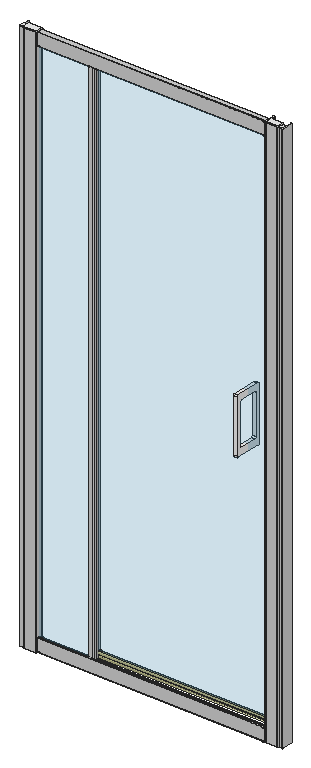
Revit family "TED", category Plumbing Fixtures, Revit 2015
Parameters (values of type "900")
  Seal = Seal
  Profile = Profile
  Glass = Glass
  C = 653 mm
  B = 247 mm
  Aluminum = Aluminum
  A = B + C  # 900 mm
  URL = "http://www.sanswiss.com/"
  Type Comments = "TOP LINE"
  Model = "TED"
  Manufacturer = "SanSwiss"
Reference planes
  plane 1 "Center (Front/Back)": y = 0
  plane 2: z = 0
  plane 3 "Center (Left/Right)": x = 0
  plane 4 "top": z = 1900
  plane 5: x = 900
  plane 6: x = 247
  plane 7: x = 841.506
Forms (mm)
  Sweep 1, solid, material "Profile" <- "Profile"
    path origin (58.5, 1.6, 43.1) x (0, 0, 1) y (-1, 0, 0)
      loop
        line (-41.6, -782.979) -> (-41.6, 0)
    profile origin (449.99, 1.6, 1.5) x (0, 0, -1) y (0, -1, 0)
      loop
        arc (-41.546, 0) -> (-42.566, -0.422) -> (-42.988, -1.442) r 1.442
        line (-42.988, -1.442) -> (-42.988, -3.674)
        arc (-42.988, -3.674) -> (-42.238, -4.424) -> (-41.488, -3.674) r 0.75
        line (-41.488, -3.674) -> (-41.488, -2.079)
        arc (-41.488, -2.079) -> (-41.318, -1.67) -> (-40.909, -1.5) r 0.579
        line (-40.909, -1.5) -> (-38.5, -1.5) -> (-38.5, -17.515)
        arc (-38.5, -17.515) -> (-38.065, -18.565) -> (-37.015, -19) r 1.485
        line (-37.015, -19) -> (-34.608, -19)
        arc (-34.608, -19) -> (-33.708, -18.1) -> (-34.608, -17.2) r 0.9
        line (-34.608, -17.2) -> (-37, -17.2) -> (-37, -13.7) -> (-17.607, -13.7)
        arc (-17.607, -13.7) -> (-16.895, -13.995) -> (-16.6, -14.707) r 1.007
        line (-16.6, -14.707) -> (-16.6, -17.484)
        arc (-16.6, -17.484) -> (-16.156, -18.556) -> (-15.084, -19) r 1.516
        line (-15.084, -19) -> (-0.122, -19)
        arc (-0.122, -19) -> (1.025, -18.525) -> (1.5, -17.378) r 1.622
        line (1.5, -17.378) -> (1.5, -1.453)
        arc (1.5, -1.453) -> (1.075, -0.425) -> (0.047, 0) r 1.453
        line (0.047, 0) -> (-41.546, 0)
  Sweep 2, solid, material "Seal" <- "Seal"
    path origin (841, 36.298, 50.487) x (0, 0.116427, -0.993199) y (-1, 0, 0)
      loop
        line (14.96, 592.021) -> (14.96, 0.021)
    profile origin (544.979, 38.039, 35.628) x (0, 0.116427, -0.993199) y (0, 0.993199, 0.116427)
      loop
        line (-26.238, -9.139) -> (-16.157, -11.184)
        arc (-16.157, -11.184) -> (-14.351, -10.793) -> (-13.416, -9.198) r 2.3
        line (-13.416, -9.198) -> (-13.218, -7.509) -> (-1.518, -8.881)
        arc (-1.518, -8.881) -> (-1.074, -8.53) -> (-1.425, -8.086) r 0.4
        line (-1.425, -8.086) -> (-13.124, -6.715) -> (-12.927, -5.026)
        arc (-12.927, -5.026) -> (-13.706, -3.146) -> (-15.586, -2.367) r 2.66
        line (-15.586, -2.367) -> (-15.586, -0.8) -> (-0.023, -0.8)
        arc (-0.023, -0.8) -> (0.377, -0.4) -> (-0.023, 0) r 0.4
        line (-0.023, 0) -> (-14.673, 0)
        arc (-14.673, 0) -> (-15.165, 0.259) -> (-15.231, 0.812) r 0.597
        line (-15.231, 0.812) -> (-14.513, 2.68)
        arc (-14.513, 2.68) -> (-14.887, 3.52) -> (-15.727, 3.146) r 0.65
        line (-15.727, 3.146) -> (-17.62, -1.784)
        arc (-17.62, -1.784) -> (-17.955, -2.203) -> (-18.472, -2.349) r 0.881
        line (-18.472, -2.349) -> (-25.329, -2.121)
        arc (-25.329, -2.121) -> (-26.001, -2.749) -> (-25.373, -3.42) r 0.65
        line (-25.373, -3.42) -> (-15.092, -3.762)
        arc (-15.092, -3.762) -> (-14.424, -4.082) -> (-14.208, -4.79) r 0.921
        line (-14.208, -4.79) -> (-14.709, -9.069)
        arc (-14.709, -9.069) -> (-15.107, -9.748) -> (-15.876, -9.915) r 0.979
        line (-15.876, -9.915) -> (-25.98, -7.865)
        arc (-25.98, -7.865) -> (-26.746, -8.373) -> (-26.238, -9.139) r 0.65
  Sweep 3, solid, material "Profile" <- "Profile"
    path origin (18.21, 2.2, -1) x (1, 0, 0) y (0, 0, 1)
      loop
        line (-16.7, 1) -> (-16.7, 1901.5)
    profile origin (1.51, 2.2, 950.25) x (-1, 0, 0) y (0, -1, 0)
      loop
        line (0, -20.045) -> (0, -37.344)
        arc (0, -37.344) -> (0.439, -38.404) -> (1.5, -38.844) r 1.5
        line (1.5, -38.844) -> (1.5, -2.56)
        arc (1.5, -2.56) -> (1.073, -1.527) -> (0.04, -1.1) r 1.46
        line (0.04, -1.1) -> (-34.989, -1.1)
        arc (-34.989, -1.1) -> (-36.05, -1.539) -> (-36.489, -2.6) r 1.5
        line (-36.489, -2.6) -> (-36.489, -17.6)
        arc (-36.489, -17.6) -> (-36.05, -18.661) -> (-34.989, -19.1) r 1.5
        line (-34.989, -19.1) -> (-0.945, -19.1)
        arc (-0.945, -19.1) -> (-0.277, -19.377) -> (0, -20.045) r 0.945
  Sweep 4, solid, material "Profile" <- "Profile"
    path origin (21.25, 0, -2.5) x (1, 0, 0) y (0, 0, 1)
      loop
        line (-18.2, 1905) -> (-18.2, 2.5)
    profile origin (3.05, 0, 951.25) x (0, -1, 0) y (1, 0, 0)
      loop
        line (-21.3, 11.45) -> (-21.3, 12.95) -> (-23.1, 12.95) -> (-23.1, 19.75) -> (-21.5, 19.75) -> (-21.5, 21.25) -> (-23.1, 21.25) -> (-23.1, 53.95) -> (-19.816, 53.95)
        arc (-19.816, 53.95) -> (-19.38, 53.77) -> (-19.2, 53.334) r 0.616
        line (-19.2, 53.334) -> (-19.2, 51.95) -> (-17.7, 51.95) -> (-17.7, 53.346)
        arc (-17.7, 53.346) -> (-17.523, 53.773) -> (-17.096, 53.95) r 0.604
        line (-17.096, 53.95) -> (-2.176, 53.95)
        arc (-2.176, 53.95) -> (-1.698, 53.752) -> (-1.5, 53.274) r 0.676
        line (-1.5, 53.274) -> (-1.5, 21.25) -> (-3.1, 21.25) -> (-3.1, 19.75) -> (-1.5, 19.75) -> (-1.5, 12.95) -> (-3.3, 12.95) -> (-3.3, 11.45) -> (-1.5, 11.45)
        arc (-1.5, 11.45) -> (-0.439, 11.889) -> (0, 12.95) r 1.5
        line (0, 12.95) -> (0, 54.464)
        arc (0, 54.464) -> (-0.289, 55.161) -> (-0.986, 55.45) r 0.986
        line (-0.986, 55.45) -> (-23.6, 55.45)
        arc (-23.6, 55.45) -> (-24.307, 55.157) -> (-24.6, 54.45) r 1
        line (-24.6, 54.45) -> (-24.6, 51.95) -> (-24.6, 12.95)
        arc (-24.6, 12.95) -> (-24.161, 11.889) -> (-23.1, 11.45) r 1.5
        line (-23.1, 11.45) -> (-21.3, 11.45)
  Extrusion 5, solid, material "Aluminum" <- "Aluminum"
    sketch origin (918.4, 0, 2.5) x (-1, 0, 0) y (0, -1, 0)
      loop
        arc (860.857, 0) -> (860.18, -0.28) -> (859.9, -0.957) r 0.957
        line (859.9, -0.957) -> (859.9, -23.865)
        arc (859.9, -23.865) -> (860.115, -24.385) -> (860.635, -24.6) r 0.735
        line (860.635, -24.6) -> (902.4, -24.6)
        arc (902.4, -24.6) -> (903.461, -24.161) -> (903.9, -23.1) r 1.5
        line (903.9, -23.1) -> (903.9, -1.5)
        arc (903.9, -1.5) -> (903.461, -0.439) -> (902.4, 0) r 1.5
        line (902.4, 0) -> (860.857, 0)
    from 1900 to 1902.5
  Revolve 6, solid, material "Aluminum" <- "Aluminum"
    sketch origin (413.994, 0.111, 1798.067) x (-1, 0, 0) y (0, -1, 0)
      loop
        line (412.483, -31.318) -> (407.014, -31.318)
        arc (407.014, -31.318) -> (407.137, -34.222) -> (407.449, -37.112) r 44.956
        arc (407.449, -37.112) -> (407.789, -37.74) -> (408.458, -37.99) r 1.019
        line (408.458, -37.99) -> (412.483, -37.99) -> (412.483, -31.318)
      axis (412.483, -31.318) -> (407.014, -31.318)
    angle from 0 to 360
  Revolve 7, solid, material "Aluminum" <- "Aluminum"
    sketch origin (413.994, 0.111, 949.131) x (-1, 0, 0) y (0, -1, 0)
      loop
        line (412.483, -31.318) -> (407.014, -31.318)
        arc (407.014, -31.318) -> (407.137, -34.222) -> (407.449, -37.112) r 44.956
        arc (407.449, -37.112) -> (407.789, -37.74) -> (408.458, -37.99) r 1.019
        line (408.458, -37.99) -> (412.483, -37.99) -> (412.483, -31.318)
      axis (412.483, -31.318) -> (407.014, -31.318)
    angle from 0 to 360
  Revolve 8, solid, material "Aluminum" <- "Aluminum"
    sketch origin (413.994, 0.111, 100.467) x (-1, 0, 0) y (0, -1, 0)
      loop
        line (412.483, -31.318) -> (407.014, -31.318)
        arc (407.014, -31.318) -> (407.137, -34.222) -> (407.449, -37.112) r 44.956
        arc (407.449, -37.112) -> (407.789, -37.74) -> (408.458, -37.99) r 1.019
        line (408.458, -37.99) -> (412.483, -37.99) -> (412.483, -31.318)
      axis (412.483, -31.318) -> (407.014, -31.318)
    angle from 0 to 360
  Sweep 9, solid, material "Profile" <- "Profile"
    path origin (230.5, 34.8, 1855.47) x (0, 0, -1) y (-1, 0, 0)
      loop
        line (1816, -4.679) -> (-2.23, -4.679)
    profile origin (235.179, 34.8, 948.585) x (1, 0, 0) y (0, 1, 0)
      loop
        arc (-4.664, 0) -> (-6.104, -0.596) -> (-6.7, -2.036) r 2.036
        line (-6.7, -2.036) -> (-6.7, -6.138)
        arc (-6.7, -6.138) -> (-6.155, -7.455) -> (-4.838, -8) r 1.862
        line (-4.838, -8) -> (-3.2, -8) -> (-3.2, -15.867)
        arc (-3.2, -15.867) -> (-2.2, -16.867) -> (-1.2, -15.867) r 1
        line (-1.2, -15.867) -> (-1.2, -8) -> (0.457, -8)
        arc (0.457, -8) -> (2.528, -10.67) -> (5.875, -11.128) r 4.469
        arc (5.875, -11.128) -> (11.326, -13.569) -> (13.941, -8.2) r 4.293
        line (13.941, -8.2) -> (13.941, 0) -> (-4.664, 0)
  Sweep 10, solid, material "Profile" <- "Profile"
    path origin (236.716, 6.8, 43.506) x (1, 0, 0) y (0, 0, 1)
      loop
        line (-0.521, 1817) -> (-0.521, 0)
    profile origin (236.195, 6.8, 952.006) x (0, -1, 0) y (1, 0, 0)
      loop
        line (3.4, 0) -> (3.4, 14.6) -> (0, 18) -> (-9.997, 18)
        arc (-9.997, 18) -> (-10.706, 17.706) -> (-11, 16.997) r 1.003
        line (-11, 16.997) -> (-11, 12.5) -> (-15.35, 12.5)
        arc (-15.35, 12.5) -> (-17, 10.85) -> (-15.35, 9.2) r 1.65
        line (-15.35, 9.2) -> (-11, 9.2) -> (-11, 0.683)
        arc (-11, 0.683) -> (-10.8, 0.2) -> (-10.317, 0) r 0.683
        line (-10.317, 0) -> (3.4, 0)
  Extrusion 11, solid, material "Glass" <- "Glass"
    sketch origin (0, 0, 0) x (1, 0, 0) y (0, 1, 0)
      loop
        line (58.5, 15.3) -> (58.5, 9.3) -> (236.195, 9.3) -> (236.195, 15.3) -> (58.5, 15.3)
    from 38.5 to 1859.5
  Extrusion 12, solid, material "Glass" <- "Glass"
    sketch origin (0, 0, 0) x (1, 0, 0) y (0, 1, 0)
      loop
        line (248.979, 32.741) -> (248.979, 26.741) -> (834.506, 26.741) -> (834.506, 32.741) -> (248.979, 32.741)
    from 47.882 to 1849.182
  Sweep 13, solid, material "Profile" <- "Profile"
    path origin (878.998, 0, -2.5) x (-1, 0, 0) y (0, 0, -1)
      loop
        line (-17.952, -1905) -> (-17.952, -2.5)
    profile origin (896.95, 0, 951.25) x (0, -1, 0) y (1, 0, 0)
      loop
        line (-21.3, -11.46) -> (-23.1, -11.46)
        arc (-23.1, -11.46) -> (-24.161, -11.9) -> (-24.6, -12.96) r 1.5
        line (-24.6, -12.96) -> (-24.6, -47.973)
        arc (-24.6, -47.973) -> (-25.182, -49.378) -> (-26.588, -49.96) r 1.988
        line (-26.588, -49.96) -> (-33.967, -49.96)
        arc (-33.967, -49.96) -> (-34.98, -50.38) -> (-35.4, -51.393) r 1.433
        line (-35.4, -51.393) -> (-35.4, -53.271)
        arc (-35.4, -53.271) -> (-34.759, -54.819) -> (-33.21, -55.46) r 2.19
        line (-33.21, -55.46) -> (-0.986, -55.46)
        arc (-0.986, -55.46) -> (-0.289, -55.172) -> (0, -54.474) r 0.986
        line (0, -54.474) -> (0, -12.96)
        arc (0, -12.96) -> (-0.439, -11.9) -> (-1.5, -11.46) r 1.5
        line (-1.5, -11.46) -> (-3.3, -11.46) -> (-3.3, -12.96) -> (-1.5, -12.96) -> (-1.5, -19.76) -> (-3.1, -19.76) -> (-3.1, -21.26) -> (-1.5, -21.26) -> (-1.5, -53.284)
        arc (-1.5, -53.284) -> (-1.698, -53.762) -> (-2.176, -53.96) r 0.676
        line (-2.176, -53.96) -> (-17.096, -53.96)
        arc (-17.096, -53.96) -> (-17.523, -53.783) -> (-17.7, -53.356) r 0.604
        line (-17.7, -53.356) -> (-17.7, -51.96) -> (-19.2, -51.96) -> (-19.2, -53.345)
        arc (-19.2, -53.345) -> (-19.38, -53.78) -> (-19.816, -53.96) r 0.616
        line (-19.816, -53.96) -> (-23.1, -53.96) -> (-23.1, -21.26) -> (-21.5, -21.26) -> (-21.5, -19.76) -> (-23.1, -19.76) -> (-23.1, -12.96) -> (-21.3, -12.96) -> (-21.3, -11.46)
  Extrusion 14, solid, material "Aluminum" <- "Aluminum"
    sketch origin (-18.152, 0, 2.5) x (1, 0, 0) y (0, 1, 0)
      loop
        line (860.616, 0) -> (902.142, 0)
        arc (902.142, 0) -> (903.202, 0.439) -> (903.642, 1.5) r 1.5
        line (903.642, 1.5) -> (903.642, 3.3) -> (903.642, 23.1)
        arc (903.642, 23.1) -> (903.202, 24.161) -> (902.142, 24.6) r 1.5
        line (902.142, 24.6) -> (867.31, 24.6)
        arc (867.31, 24.6) -> (865.777, 25.235) -> (865.142, 26.768) r 2.168
        line (865.142, 26.768) -> (865.142, 33.907)
        arc (865.142, 33.907) -> (864.696, 34.984) -> (863.619, 35.43) r 1.523
        line (863.619, 35.43) -> (861.796, 35.43)
        arc (861.796, 35.43) -> (860.285, 34.804) -> (859.659, 33.293) r 2.137
        line (859.659, 33.293) -> (859.659, 0.957)
        arc (859.659, 0.957) -> (859.939, 0.28) -> (860.616, 0) r 0.957
    from 1900 to 1902.5
  Revolve 15, solid, material "Aluminum" <- "Aluminum"
    sketch origin (486.254, 0.111, 1798.067) x (1, 0, 0) y (0, 1, 0)
      loop
        line (412.246, 31.318) -> (412.246, 37.99) -> (408.21, 37.99)
        arc (408.21, 37.99) -> (407.542, 37.74) -> (407.201, 37.112) r 1.019
        arc (407.201, 37.112) -> (406.89, 34.222) -> (406.766, 31.318) r 44.956
        line (406.766, 31.318) -> (412.246, 31.318)
      axis (412.246, 31.318) -> (406.766, 31.318)
    angle from 0 to 360
  Revolve 16, solid, material "Aluminum" <- "Aluminum"
    sketch origin (486.254, 0.111, 949.131) x (1, 0, 0) y (0, 1, 0)
      loop
        line (412.246, 31.318) -> (412.246, 37.99) -> (408.21, 37.99)
        arc (408.21, 37.99) -> (407.542, 37.74) -> (407.201, 37.112) r 1.019
        arc (407.201, 37.112) -> (406.89, 34.222) -> (406.766, 31.318) r 44.956
        line (406.766, 31.318) -> (412.246, 31.318)
      axis (412.246, 31.318) -> (406.766, 31.318)
    angle from 0 to 360
  Revolve 17, solid, material "Aluminum" <- "Aluminum"
    sketch origin (486.254, 0.111, 100.467) x (1, 0, 0) y (0, 1, 0)
      loop
        line (412.246, 31.318) -> (412.246, 37.99) -> (408.21, 37.99)
        arc (408.21, 37.99) -> (407.542, 37.74) -> (407.201, 37.112) r 1.019
        arc (407.201, 37.112) -> (406.89, 34.222) -> (406.766, 31.318) r 44.956
        line (406.766, 31.318) -> (412.246, 31.318)
      axis (412.246, 31.318) -> (406.766, 31.318)
    angle from 0 to 360
  Sweep 18, solid, material "Profile" <- "Profile"
    path origin (58.5, 3.4, 1859.4) x (0, 0, -1) y (1, 0, 0)
      loop
        line (-41.6, 782.979) -> (-41.6, 0)
    profile origin (449.99, 3.4, 1901) x (0, 0, -1) y (0, -1, 0)
      loop
        line (41.546, 0) -> (-0.047, 0)
        arc (-0.047, 0) -> (-1.075, -0.425) -> (-1.5, -1.453) r 1.453
        line (-1.5, -1.453) -> (-1.5, -17.378)
        arc (-1.5, -17.378) -> (-1.025, -18.525) -> (0.122, -19) r 1.622
        line (0.122, -19) -> (15.084, -19)
        arc (15.084, -19) -> (16.156, -18.556) -> (16.6, -17.484) r 1.516
        line (16.6, -17.484) -> (16.6, -14.707)
        arc (16.6, -14.707) -> (16.895, -13.995) -> (17.607, -13.7) r 1.007
        line (17.607, -13.7) -> (37, -13.7) -> (37, -17.2) -> (34.608, -17.2)
        arc (34.608, -17.2) -> (33.708, -18.1) -> (34.608, -19) r 0.9
        line (34.608, -19) -> (37.015, -19)
        arc (37.015, -19) -> (38.065, -18.565) -> (38.5, -17.515) r 1.485
        line (38.5, -17.515) -> (38.5, -1.5) -> (40.909, -1.5)
        arc (40.909, -1.5) -> (41.318, -1.67) -> (41.488, -2.079) r 0.579
        line (41.488, -2.079) -> (41.488, -3.674)
        arc (41.488, -3.674) -> (42.238, -4.424) -> (42.988, -3.674) r 0.75
        line (42.988, -3.674) -> (42.988, -1.442)
        arc (42.988, -1.442) -> (42.566, -0.422) -> (41.546, 0) r 1.442
  Extrusion 19, void
    sketch origin (824.262, 22.138, 1856.553) x (1, 0, 0) y (0, 0, -1)
      loop
        line (14.249, -21.66) -> (14.249, -1.79) -> (-2.751, -1.79) -> (-2.751, -21.66) -> (14.249, -21.66)
    from -5.038 to 18.905
  Sweep 20, solid, material "Seal" <- "Seal"
    path origin (824.262, 22.138, 1856.553) x (1, 0, 0) y (0, 0, -1)
      loop
        line (10.245, 7.371) -> (10.245, 1795.106)
    profile origin (834.506, 22.138, 955.314) x (0, 1, 0) y (-1, 0, 0)
      loop
        line (4.296, -7) -> (10.908, -7)
        spline (10.908, -7) -> (11.801, -6.821) -> (12.548, -6.566) -> (13.149, -6.233) -> (13.602, -5.824) -> (13.909, -5.338) -> (14.07, -4.774) -> (14.084, -4.134) -> (13.951, -3.417) -> (13.672, -2.623) -> (13.246, -1.752) -> (12.673, -0.803) -> (11.954, 0.222)
        arc (11.954, 0.222) -> (12.096, 0.759) -> (12.091, 1.316) r 2.083
        line (12.091, 1.316) -> (11.351, 6.418)
        arc (11.351, 6.418) -> (10.671, 6.926) -> (10.164, 6.246) r 0.6
        line (10.164, 6.246) -> (10.872, 1.357)
        arc (10.872, 1.357) -> (10.595, 0.41) -> (9.697, 0) r 1.187
        line (9.697, 0) -> (5.51, 0)
        arc (5.51, 0) -> (4.625, 0.404) -> (4.352, 1.338) r 1.17
        line (4.352, 1.338) -> (5.061, 6.229)
        arc (5.061, 6.229) -> (4.553, 6.909) -> (3.873, 6.401) r 0.6
        line (3.873, 6.401) -> (3.136, 1.316)
        arc (3.136, 1.316) -> (3.125, 0.761) -> (3.249, 0.221) r 2.251
        spline (3.249, 0.221) -> (2.505, -0.737) -> (1.912, -1.63) -> (1.471, -2.459) -> (1.18, -3.223) -> (1.041, -3.921) -> (1.052, -4.556) -> (1.215, -5.125) -> (1.529, -5.629) -> (1.994, -6.069) -> (2.61, -6.444) -> (3.377, -6.755) -> (4.296, -7)
  Extrusion 21, solid, material "Aluminum" <- "Aluminum"
    sketch origin (0, 0, 2.5) x (1, 0, 0) y (0, 1, 0)
      loop
        line (37.999, 4.8) -> (37.999, 19.8)
        arc (37.999, 19.8) -> (37.56, 20.861) -> (36.499, 21.3) r 1.5
        line (36.499, 21.3) -> (1.5, 21.3)
        arc (1.5, 21.3) -> (0.439, 20.861) -> (0, 19.8) r 1.5
        line (0, 19.8) -> (0, 4.8)
        arc (0, 4.8) -> (0.439, 3.739) -> (1.5, 3.3) r 1.5
        line (1.5, 3.3) -> (36.499, 3.3)
        arc (36.499, 3.3) -> (37.56, 3.739) -> (37.999, 4.8) r 1.5
    from 1898 to 1899
  Sweep 22, solid, material "Profile" <- "Profile"
    path origin (881.769, 2.2, -1) x (-1, 0, 0) y (0, 0, -1)
      loop
        line (-16.7, -1) -> (-16.7, -1901.5)
    profile origin (898.469, 2.2, 950.25) x (-1, 0, 0) y (0, -1, 0)
      loop
        arc (0, -20.045) -> (0.277, -19.377) -> (0.945, -19.1) r 0.945
        line (0.945, -19.1) -> (34.989, -19.1)
        arc (34.989, -19.1) -> (36.05, -18.661) -> (36.489, -17.6) r 1.5
        line (36.489, -17.6) -> (36.489, -2.6)
        arc (36.489, -2.6) -> (36.05, -1.539) -> (34.989, -1.1) r 1.5
        line (34.989, -1.1) -> (-0.04, -1.1)
        arc (-0.04, -1.1) -> (-1.073, -1.527) -> (-1.5, -2.56) r 1.46
        line (-1.5, -2.56) -> (-1.5, -38.844)
        arc (-1.5, -38.844) -> (-0.439, -38.404) -> (0, -37.344) r 1.5
        line (0, -37.344) -> (0, -20.045)
  Extrusion 23, solid, material "Aluminum" <- "Aluminum"
    sketch origin (899.979, 0, 2.5) x (-1, 0, 0) y (0, -1, 0)
      loop
        arc (37.999, -4.8) -> (37.56, -3.739) -> (36.499, -3.3) r 1.5
        line (36.499, -3.3) -> (1.5, -3.3)
        arc (1.5, -3.3) -> (0.439, -3.739) -> (0, -4.8) r 1.5
        line (0, -4.8) -> (0, -19.8)
        arc (0, -19.8) -> (0.439, -20.861) -> (1.5, -21.3) r 1.5
        line (1.5, -21.3) -> (36.499, -21.3)
        arc (36.499, -21.3) -> (37.56, -20.861) -> (37.999, -19.8) r 1.5
        line (37.999, -19.8) -> (37.999, -4.8)
    from 1898 to 1899
  Sweep 24, solid, material "Profile" <- "Profile", not visible
    path origin (878.998, 0, -2.5) x (-1, 0, 0) y (0, 0, -1)
      loop
        line (-17.952, -1905) -> (-17.952, -2.5)
    profile origin (896.95, 0, 951.25) x (0, -1, 0) y (1, 0, 0)
      loop
        line (-21.3, -11.46) -> (-23.1, -11.46)
        arc (-23.1, -11.46) -> (-24.161, -11.9) -> (-24.6, -12.96) r 1.5
        line (-24.6, -12.96) -> (-24.6, -47.973)
        arc (-24.6, -47.973) -> (-25.182, -49.378) -> (-26.588, -49.96) r 1.988
        line (-26.588, -49.96) -> (-33.967, -49.96)
        arc (-33.967, -49.96) -> (-34.98, -50.38) -> (-35.4, -51.393) r 1.433
        line (-35.4, -51.393) -> (-35.4, -53.271)
        arc (-35.4, -53.271) -> (-34.759, -54.819) -> (-33.21, -55.46) r 2.19
        line (-33.21, -55.46) -> (-0.986, -55.46)
        arc (-0.986, -55.46) -> (-0.289, -55.172) -> (0, -54.474) r 0.986
        line (0, -54.474) -> (0, -12.96)
        arc (0, -12.96) -> (-0.439, -11.9) -> (-1.5, -11.46) r 1.5
        line (-1.5, -11.46) -> (-3.3, -11.46) -> (-3.3, -12.96) -> (-1.5, -12.96) -> (-1.5, -19.76) -> (-3.1, -19.76) -> (-3.1, -21.26) -> (-1.5, -21.26) -> (-1.5, -53.284)
        arc (-1.5, -53.284) -> (-1.698, -53.762) -> (-2.176, -53.96) r 0.676
        line (-2.176, -53.96) -> (-17.096, -53.96)
        arc (-17.096, -53.96) -> (-17.523, -53.783) -> (-17.7, -53.356) r 0.604
        line (-17.7, -53.356) -> (-17.7, -51.96) -> (-19.2, -51.96) -> (-19.2, -53.345)
        arc (-19.2, -53.345) -> (-19.38, -53.78) -> (-19.816, -53.96) r 0.616
        line (-19.816, -53.96) -> (-23.1, -53.96) -> (-23.1, -21.26) -> (-21.5, -21.26) -> (-21.5, -19.76) -> (-23.1, -19.76) -> (-23.1, -12.96) -> (-21.3, -12.96) -> (-21.3, -11.46)
  Extrusion 25, solid, material "Aluminum" <- "Aluminum", not visible
    sketch origin (-18.152, 0, 2.5) x (1, 0, 0) y (0, 1, 0)
      loop
        line (860.616, 0) -> (902.142, 0)
        arc (902.142, 0) -> (903.202, 0.439) -> (903.642, 1.5) r 1.5
        line (903.642, 1.5) -> (903.642, 3.3) -> (903.642, 23.1)
        arc (903.642, 23.1) -> (903.202, 24.161) -> (902.142, 24.6) r 1.5
        line (902.142, 24.6) -> (867.31, 24.6)
        arc (867.31, 24.6) -> (865.777, 25.235) -> (865.142, 26.768) r 2.168
        line (865.142, 26.768) -> (865.142, 33.907)
        arc (865.142, 33.907) -> (864.696, 34.984) -> (863.619, 35.43) r 1.523
        line (863.619, 35.43) -> (861.796, 35.43)
        arc (861.796, 35.43) -> (860.285, 34.804) -> (859.659, 33.293) r 2.137
        line (859.659, 33.293) -> (859.659, 0.957)
        arc (859.659, 0.957) -> (859.939, 0.28) -> (860.616, 0) r 0.957
    from 1900 to 1902.5
  Revolve 26, solid, material "Aluminum" <- "Aluminum", not visible
    sketch origin (486.254, 0.111, 1798.067) x (1, 0, 0) y (0, 1, 0)
      loop
        line (412.246, 31.318) -> (412.246, 37.99) -> (408.21, 37.99)
        arc (408.21, 37.99) -> (407.542, 37.74) -> (407.201, 37.112) r 1.019
        arc (407.201, 37.112) -> (406.89, 34.222) -> (406.766, 31.318) r 44.956
        line (406.766, 31.318) -> (412.246, 31.318)
      axis (412.246, 31.318) -> (406.766, 31.318)
    angle from 0 to 360
  Revolve 27, solid, material "Aluminum" <- "Aluminum", not visible
    sketch origin (486.254, 0.111, 949.131) x (1, 0, 0) y (0, 1, 0)
      loop
        line (412.246, 31.318) -> (412.246, 37.99) -> (408.21, 37.99)
        arc (408.21, 37.99) -> (407.542, 37.74) -> (407.201, 37.112) r 1.019
        arc (407.201, 37.112) -> (406.89, 34.222) -> (406.766, 31.318) r 44.956
        line (406.766, 31.318) -> (412.246, 31.318)
      axis (412.246, 31.318) -> (406.766, 31.318)
    angle from 0 to 360
  Revolve 28, solid, material "Aluminum" <- "Aluminum", not visible
    sketch origin (486.254, 0.111, 100.467) x (1, 0, 0) y (0, 1, 0)
      loop
        line (412.246, 31.318) -> (412.246, 37.99) -> (408.21, 37.99)
        arc (408.21, 37.99) -> (407.542, 37.74) -> (407.201, 37.112) r 1.019
        arc (407.201, 37.112) -> (406.89, 34.222) -> (406.766, 31.318) r 44.956
        line (406.766, 31.318) -> (412.246, 31.318)
      axis (412.246, 31.318) -> (406.766, 31.318)
    angle from 0 to 360
  Sweep 29, solid, material "Seal" <- "Seal", not visible
    path origin (824.262, 22.138, 1856.553) x (1, 0, 0) y (0, 0, -1)
      loop
        line (10.245, 7.371) -> (10.245, 1795.106)
    profile origin (834.506, 22.138, 955.314) x (0, 1, 0) y (-1, 0, 0)
      loop
        line (4.296, -7) -> (10.908, -7)
        spline (10.908, -7) -> (11.801, -6.821) -> (12.548, -6.566) -> (13.149, -6.233) -> (13.602, -5.824) -> (13.909, -5.338) -> (14.07, -4.774) -> (14.084, -4.134) -> (13.951, -3.417) -> (13.672, -2.623) -> (13.246, -1.752) -> (12.673, -0.803) -> (11.954, 0.222)
        arc (11.954, 0.222) -> (12.096, 0.759) -> (12.091, 1.316) r 2.083
        line (12.091, 1.316) -> (11.351, 6.418)
        arc (11.351, 6.418) -> (10.671, 6.926) -> (10.164, 6.246) r 0.6
        line (10.164, 6.246) -> (10.872, 1.357)
        arc (10.872, 1.357) -> (10.595, 0.41) -> (9.697, 0) r 1.187
        line (9.697, 0) -> (5.51, 0)
        arc (5.51, 0) -> (4.625, 0.404) -> (4.352, 1.338) r 1.17
        line (4.352, 1.338) -> (5.061, 6.229)
        arc (5.061, 6.229) -> (4.553, 6.909) -> (3.873, 6.401) r 0.6
        line (3.873, 6.401) -> (3.136, 1.316)
        arc (3.136, 1.316) -> (3.125, 0.761) -> (3.249, 0.221) r 2.251
        spline (3.249, 0.221) -> (2.505, -0.737) -> (1.912, -1.63) -> (1.471, -2.459) -> (1.18, -3.223) -> (1.041, -3.921) -> (1.052, -4.556) -> (1.215, -5.125) -> (1.529, -5.629) -> (1.994, -6.069) -> (2.61, -6.444) -> (3.377, -6.755) -> (4.296, -7)
  Sweep 30, solid, material "Profile" <- "Profile", not visible
    path origin (881.769, 2.2, -1) x (-1, 0, 0) y (0, 0, -1)
      loop
        line (-16.7, -1) -> (-16.7, -1901.5)
    profile origin (898.469, 2.2, 950.25) x (-1, 0, 0) y (0, -1, 0)
      loop
        arc (0, -20.045) -> (0.277, -19.377) -> (0.945, -19.1) r 0.945
        line (0.945, -19.1) -> (34.989, -19.1)
        arc (34.989, -19.1) -> (36.05, -18.661) -> (36.489, -17.6) r 1.5
        line (36.489, -17.6) -> (36.489, -2.6)
        arc (36.489, -2.6) -> (36.05, -1.539) -> (34.989, -1.1) r 1.5
        line (34.989, -1.1) -> (-0.04, -1.1)
        arc (-0.04, -1.1) -> (-1.073, -1.527) -> (-1.5, -2.56) r 1.46
        line (-1.5, -2.56) -> (-1.5, -38.844)
        arc (-1.5, -38.844) -> (-0.439, -38.404) -> (0, -37.344) r 1.5
        line (0, -37.344) -> (0, -20.045)
  Extrusion 31, solid, material "Aluminum" <- "Aluminum", not visible
    sketch origin (899.979, 0, 2.5) x (-1, 0, 0) y (0, -1, 0)
      loop
        arc (37.999, -4.8) -> (37.56, -3.739) -> (36.499, -3.3) r 1.5
        line (36.499, -3.3) -> (1.5, -3.3)
        arc (1.5, -3.3) -> (0.439, -3.739) -> (0, -4.8) r 1.5
        line (0, -4.8) -> (0, -19.8)
        arc (0, -19.8) -> (0.439, -20.861) -> (1.5, -21.3) r 1.5
        line (1.5, -21.3) -> (36.499, -21.3)
        arc (36.499, -21.3) -> (37.56, -20.861) -> (37.999, -19.8) r 1.5
        line (37.999, -19.8) -> (37.999, -4.8)
    from 1898 to 1899
Cuts and joins
  Extrusion 19 cuts Sweep 18
Dimensions and locks
  plane 4 "top" to level = 1900 mm
  "C": plane 6 to plane 5
  "B": plane 3 "Center (Left/Right)" to plane 6
  plane 3 "Center (Left/Right)" to plane 5 = 900 mm
  locked: nested 3 to plane 5 at 58.49
  locked: nested 2 to plane 5 at 139.49
  locked: nested 4 to plane 6 at 27.131
  locked: nested 1 to plane 6 at 27.354
  locked: Extrusion 21 sketch curve to Extrusion 21 sketch curve at 34.999  (x2)
  locked: Extrusion 21 sketch curve to Extrusion 21 sketch curve at 1.5
  locked: Extrusion 23 sketch curve to Extrusion 23 sketch curve at 34.999  (x2)
  locked: Extrusion 23 sketch curve to Extrusion 23 sketch curve at 1.5
  locked: plane 7 to plane 5 at 58.494
  locked: Sweep 9 to plane 6 at 18.521
  locked: Extrusion 31 sketch curve to Extrusion 31 sketch curve at 34.999  (x2)
  locked: Extrusion 31 sketch curve to Extrusion 31 sketch curve at 1.5
  locked: Extrusion 14 to plane 5 at 14.51
  aligned and locked: level to plane 2
  aligned and locked: nested 1 to nested 4
  aligned and locked: Revolve 6 to Sweep 3
  aligned and locked: Revolve 7 to Sweep 3
  aligned and locked: Revolve 8 to Sweep 3
Automatic sketch dimensions
  level to Sweep 1 sketch curve = 1.5 mm
  Sweep 1 sketch curve to plane 7 = 0.027 mm
  plane 3 "Center (Left/Right)" to Sweep 1 sketch curve = 58.5 mm
  Sweep 1 sketch curve to profile plane = 0 mm
  Sweep 1 sketch curve to profile plane = 3.674 mm
  profile plane to Sweep 1 sketch curve = 42.988 mm
  Sweep 1 sketch curve to Sweep 1 sketch curve = 0.75 mm
  Sweep 1 sketch curve to Sweep 1 sketch curve = 1.442 mm
  Sweep 1 sketch curve to Sweep 1 sketch curve = 0.638 mm  (x2)
  Sweep 1 sketch curve to Sweep 1 sketch curve = 2.409 mm
  Sweep 1 sketch curve to Sweep 1 sketch curve = 1.485 mm
  Sweep 1 sketch curve to Sweep 1 sketch curve = 0.015 mm
  Sweep 1 sketch curve to Sweep 1 sketch curve = 2.407 mm
  Sweep 1 sketch curve to Sweep 1 sketch curve = 17.001 mm
  Sweep 1 sketch curve to Sweep 1 sketch curve = 1.007 mm
  Sweep 1 sketch curve to Sweep 1 sketch curve = 1.516 mm
  profile plane to Sweep 1 sketch curve = 0.122 mm
  Sweep 1 sketch curve to profile plane = 0.047 mm
  Sweep 1 sketch curve to profile plane = 1.453 mm
  Sweep 1 sketch curve to profile plane = 13.7 mm
  Sweep 1 sketch curve to Sweep 1 sketch curve = 3.5 mm
  Sweep 1 sketch curve to Sweep 1 sketch curve = 15.925 mm
  Sweep 1 sketch curve to Sweep 1 sketch curve = 0.315 mm
  Sweep 2 sketch curve to plane 7 = 0.527 mm
  Sweep 2 sketch curve to plane 6 = 1.979 mm
  Sweep 2 sketch curve to profile plane = 0 mm
  Sweep 2 sketch curve to profile plane = 9.139 mm
  profile plane to Sweep 2 sketch curve = 26.238 mm
  Sweep 2 sketch curve to Sweep 2 sketch curve = 0.129 mm  (x3)
  Sweep 2 sketch curve to profile plane = 7.865 mm
  Sweep 2 sketch curve to profile plane = 3.42 mm
  Sweep 2 sketch curve to Sweep 2 sketch curve = 0.607 mm  (x3)
  Sweep 2 sketch curve to Sweep 2 sketch curve = 0.022 mm  (x2)
  Sweep 2 sketch curve to profile plane = 2.121 mm
  Sweep 2 sketch curve to profile plane = 2.349 mm
  Sweep 2 sketch curve to Sweep 2 sketch curve = 6.858 mm
  Sweep 2 sketch curve to Sweep 2 sketch curve = 0.029 mm
  Sweep 2 sketch curve to profile plane = 1.784 mm
  Sweep 2 sketch curve to Sweep 2 sketch curve = 0.823 mm
  Sweep 2 sketch curve to Sweep 2 sketch curve = 2.315 mm
  Sweep 2 sketch curve to Sweep 2 sketch curve = 0.281 mm
  profile plane to Sweep 2 sketch curve = 3.146 mm
  Sweep 2 sketch curve to Sweep 2 sketch curve = 1.892 mm
  Sweep 2 sketch curve to Sweep 2 sketch curve = 0.176 mm
  Sweep 2 sketch curve to Sweep 2 sketch curve = 0.018 mm
  Sweep 2 sketch curve to Sweep 2 sketch curve = 2.034 mm
  profile plane to Sweep 2 sketch curve = 0.812 mm
  Sweep 2 sketch curve to Sweep 2 sketch curve = 0.355 mm
  Sweep 2 sketch curve to Sweep 2 sketch curve = 0.463 mm
  Sweep 2 sketch curve to profile plane = 3.762 mm
  Sweep 2 sketch curve to Sweep 2 sketch curve = 0.031 mm
  Sweep 2 sketch curve to profile plane = 9.069 mm
  Sweep 2 sketch curve to Sweep 2 sketch curve = 0.972 mm
  Sweep 2 sketch curve to Sweep 2 sketch curve = 0.558 mm
  profile plane to Sweep 2 sketch curve = 2.68 mm
  Sweep 2 sketch curve to profile plane = 4.79 mm
  Sweep 2 sketch curve to Sweep 2 sketch curve = 0.915 mm
  Sweep 2 sketch curve to Sweep 2 sketch curve = 1.294 mm
  Sweep 2 sketch curve to profile plane = 7.509 mm
  Sweep 2 sketch curve to Sweep 2 sketch curve = 0.198 mm
  Sweep 2 sketch curve to Sweep 2 sketch curve = 0.093 mm
  Sweep 2 sketch curve to profile plane = 5.026 mm
  Sweep 2 sketch curve to Sweep 2 sketch curve = 1.281 mm
  profile plane to Sweep 2 sketch curve = 1.518 mm
  Sweep 2 sketch curve to Sweep 2 sketch curve = 0.047 mm  (x2)
  profile plane to Sweep 2 sketch curve = 0.023 mm
  Sweep 2 sketch curve to Sweep 2 sketch curve = 0.846 mm
  Sweep 2 sketch curve to Sweep 2 sketch curve = 1.27 mm
  Sweep 2 sketch curve to Sweep 2 sketch curve = 0.397 mm
  Sweep 2 sketch curve to profile plane = 0.8 mm
  plane 3 "Center (Left/Right)" to Sweep 3 sketch curve = 1.51 mm
  level to Sweep 3 sketch curve = 0 mm
  plane 4 "top" to Sweep 3 sketch curve = 0.5 mm
  level to Sweep 4 sketch curve = 0 mm
  plane 4 "top" to Sweep 4 sketch curve = 2.5 mm
  plane 3 "Center (Left/Right)" to Sweep 4 sketch curve = 3.05 mm
  profile plane to Sweep 4 sketch curve = 0 mm
  Sweep 4 sketch curve to profile plane = 0.986 mm
  Sweep 4 sketch curve to Sweep 4 sketch curve = 1.5 mm  (x6)
  Sweep 4 sketch curve to profile plane = 1.5 mm
  Sweep 4 sketch curve to Sweep 4 sketch curve = 0 mm  (x5)
  Sweep 4 sketch curve to Sweep 4 sketch curve = 0.676 mm
  Sweep 4 sketch curve to Sweep 4 sketch curve = 1.6 mm  (x2)
  Sweep 4 sketch curve to Sweep 4 sketch curve = 1.8 mm
  Sweep 4 sketch curve to Sweep 4 sketch curve = 14.92 mm
  Sweep 4 sketch curve to Sweep 4 sketch curve = 0.604 mm
  Sweep 4 sketch curve to Sweep 4 sketch curve = 0.616 mm
  Sweep 4 sketch curve to Sweep 4 sketch curve = 18 mm
  Sweep 4 sketch curve to Sweep 4 sketch curve = 0.2 mm
  Sweep 4 sketch curve to Sweep 4 sketch curve = 0.5 mm  (x2)
  Sweep 4 sketch curve to profile plane = 11.45 mm  (x2)
  Sweep 4 sketch curve to Sweep 4 sketch curve = 6.8 mm  (x2)
  Sweep 4 sketch curve to Sweep 4 sketch curve = 30.7 mm
  Sweep 4 sketch curve to Sweep 4 sketch curve = 1.324 mm
  Sweep 4 sketch curve to Sweep 4 sketch curve = 1.384 mm
  Extrusion 5 sketch curve to Extrusion 5 sketch curve = 0.735 mm
  Extrusion 5 sketch curve to Extrusion 5 sketch curve = 0.957 mm
  Extrusion 5 sketch curve to Extrusion 5 sketch curve = 1.5 mm
  Extrusion 5 sketch curve to Extrusion 5 sketch curve = 21.6 mm
  plane 3 "Center (Left/Right)" to Revolve 6 sketch curve = 6.98 mm
  plane 3 "Center (Left/Right)" to Revolve 6 sketch curve = 5.536 mm
  plane 3 "Center (Left/Right)" to Revolve 6 sketch curve = 1.51 mm
  Revolve 6 sketch curve to plane 3 "Center (Left/Right)" = 37.973 mm
  Revolve 6 sketch curve to plane 1 "Center (Front/Back)" = 38.101 mm
  Revolve 6 sketch curve to Revolve 6 sketch curve = 1.019 mm
  Revolve 6 sketch curve to Revolve 6 sketch curve = 6.672 mm
  Revolve 6 sketch curve to plane 1 "Center (Front/Back)" = 30.966 mm
  Revolve 6 sketch curve to Revolve 6 sketch curve = 0 mm  (x2)
  Revolve 6 sketch curve to Revolve 6 sketch curve = 0.01 mm
  plane 3 "Center (Left/Right)" to Revolve 7 sketch curve = 6.98 mm
  plane 3 "Center (Left/Right)" to Revolve 7 sketch curve = 5.536 mm
  plane 3 "Center (Left/Right)" to Revolve 7 sketch curve = 1.51 mm
  Revolve 7 sketch curve to plane 3 "Center (Left/Right)" = 37.973 mm
  Revolve 7 sketch curve to plane 1 "Center (Front/Back)" = 38.101 mm
  Revolve 7 sketch curve to Revolve 7 sketch curve = 1.019 mm
  Revolve 7 sketch curve to Revolve 7 sketch curve = 6.672 mm
  Revolve 7 sketch curve to plane 1 "Center (Front/Back)" = 30.966 mm
  Revolve 7 sketch curve to Revolve 7 sketch curve = 0 mm  (x2)
  Revolve 7 sketch curve to Revolve 7 sketch curve = 0.01 mm
  plane 3 "Center (Left/Right)" to Revolve 8 sketch curve = 6.98 mm
  plane 3 "Center (Left/Right)" to Revolve 8 sketch curve = 5.536 mm
  plane 3 "Center (Left/Right)" to Revolve 8 sketch curve = 1.51 mm
  Revolve 8 sketch curve to plane 3 "Center (Left/Right)" = 37.973 mm
  Revolve 8 sketch curve to plane 1 "Center (Front/Back)" = 38.101 mm
  Revolve 8 sketch curve to Revolve 8 sketch curve = 1.019 mm
  Revolve 8 sketch curve to Revolve 8 sketch curve = 6.672 mm
  Revolve 8 sketch curve to plane 1 "Center (Front/Back)" = 30.966 mm
  Revolve 8 sketch curve to Revolve 8 sketch curve = 0 mm  (x2)
  Revolve 8 sketch curve to Revolve 8 sketch curve = 0.01 mm
  Sweep 9 sketch curve to profile plane = 0 mm
  profile plane to Sweep 9 sketch curve = 6.7 mm
  Sweep 9 sketch curve to Sweep 9 sketch curve = 1.862 mm
  Sweep 9 sketch curve to Sweep 9 sketch curve = 2.036 mm
  profile plane to Sweep 9 sketch curve = 3.2 mm
  Sweep 9 sketch curve to Sweep 9 sketch curve = 1 mm
  Sweep 9 sketch curve to profile plane = 0.457 mm
  Sweep 9 sketch curve to Sweep 9 sketch curve = 4.305 mm
  Sweep 9 sketch curve to Sweep 9 sketch curve = 5.099 mm
  Sweep 9 sketch curve to Sweep 9 sketch curve = 4.08 mm
  Sweep 9 sketch curve to Sweep 9 sketch curve = 4.102 mm
  Sweep 9 sketch curve to profile plane = 6.8 mm
  Sweep 9 sketch curve to Sweep 9 sketch curve = 0 mm
  Sweep 9 sketch curve to profile plane = 8.2 mm
  Sweep 9 sketch curve to Sweep 9 sketch curve = 1.334 mm
  Sweep 9 sketch curve to Sweep 9 sketch curve = 7.867 mm
  Sweep 10 sketch curve to profile plane = 0 mm
  profile plane to Sweep 10 sketch curve = 0 mm
  Sweep 10 sketch curve to profile plane = 9.997 mm
  Sweep 10 sketch curve to profile plane = 10.317 mm
  Sweep 10 sketch curve to Sweep 10 sketch curve = 1.003 mm
  Sweep 10 sketch curve to Sweep 10 sketch curve = 0 mm
  Sweep 10 sketch curve to Sweep 10 sketch curve = 4.35 mm
  profile plane to Sweep 10 sketch curve = 3.4 mm
  Sweep 10 sketch curve to profile plane = 9.2 mm
  Sweep 10 sketch curve to Sweep 10 sketch curve = 1.65 mm
  Sweep 10 sketch curve to Sweep 10 sketch curve = 2.1 mm
  Sweep 10 sketch curve to Sweep 10 sketch curve = 4.497 mm
  Extrusion 11 sketch curve to plane 1 "Center (Front/Back)" = 9.3 mm
  plane 3 "Center (Left/Right)" to Extrusion 11 sketch curve = 58.5 mm
  plane 6 to Extrusion 11 sketch curve = 10.805 mm
  Extrusion 11 sketch curve to Extrusion 11 sketch curve = 6 mm
  Extrusion 12 sketch curve to plane 6 = 1.979 mm
  Extrusion 12 sketch curve to plane 7 = 7 mm
  Extrusion 12 sketch curve to plane 1 "Center (Front/Back)" = 26.741 mm
  Extrusion 12 sketch curve to Extrusion 12 sketch curve = 6 mm
  profile plane to Sweep 13 sketch curve = 0 mm
  Sweep 13 sketch curve to profile plane = 0.986 mm
  Sweep 13 sketch curve to profile plane = 1.5 mm
  Sweep 13 sketch curve to Sweep 13 sketch curve = 0 mm  (x5)
  Sweep 13 sketch curve to Sweep 13 sketch curve = 0.676 mm
  Sweep 13 sketch curve to Sweep 13 sketch curve = 1.6 mm  (x2)
  Sweep 13 sketch curve to Sweep 13 sketch curve = 1.8 mm
  Sweep 13 sketch curve to Sweep 13 sketch curve = 14.92 mm
  Sweep 13 sketch curve to Sweep 13 sketch curve = 0.604 mm  (x2)
  Sweep 13 sketch curve to Sweep 13 sketch curve = 1.5 mm  (x5)
  Sweep 13 sketch curve to Sweep 13 sketch curve = 0.616 mm
  Sweep 13 sketch curve to Sweep 13 sketch curve = 18 mm
  Sweep 13 sketch curve to Sweep 13 sketch curve = 0.2 mm
  Sweep 13 sketch curve to Sweep 13 sketch curve = 3.284 mm
  Sweep 13 sketch curve to Sweep 13 sketch curve = 1.988 mm
  Sweep 13 sketch curve to Sweep 13 sketch curve = 6.623 mm
  Sweep 13 sketch curve to Sweep 13 sketch curve = 0.757 mm
  Sweep 13 sketch curve to Sweep 13 sketch curve = 2.19 mm
  profile plane to Sweep 13 sketch curve = 55.46 mm
  Sweep 13 sketch curve to Sweep 13 sketch curve = 0.514 mm
  Sweep 13 sketch curve to Sweep 13 sketch curve = 1.396 mm
  Sweep 13 sketch curve to Sweep 13 sketch curve = 1.878 mm
  profile plane to Sweep 13 sketch curve = 21.26 mm
  Sweep 13 sketch curve to Sweep 13 sketch curve = 6.8 mm  (x2)
  Extrusion 14 sketch curve to Extrusion 14 sketch curve = 1.823 mm
  Extrusion 14 sketch curve to Extrusion 14 sketch curve = 1.523 mm
  Extrusion 14 sketch curve to Extrusion 14 sketch curve = 2.168 mm
  Extrusion 14 sketch curve to Extrusion 14 sketch curve = 1.5 mm
  Extrusion 14 sketch curve to Extrusion 14 sketch curve = 1.8 mm
  Extrusion 14 sketch curve to Extrusion 14 sketch curve = 19.8 mm
  Extrusion 14 sketch curve to Extrusion 14 sketch curve = 6.525 mm
  Revolve 15 sketch curve to Revolve 15 sketch curve = 5.653 mm
  Revolve 15 sketch curve to Revolve 15 sketch curve = 1.019 mm
  Revolve 15 sketch curve to Revolve 15 sketch curve = 0 mm  (x3)
  Revolve 16 sketch curve to Revolve 16 sketch curve = 5.653 mm
  Revolve 16 sketch curve to Revolve 16 sketch curve = 1.019 mm
  Revolve 16 sketch curve to Revolve 16 sketch curve = 0 mm  (x3)
  Revolve 17 sketch curve to Revolve 17 sketch curve = 5.653 mm
  Revolve 17 sketch curve to Revolve 17 sketch curve = 1.019 mm
  Revolve 17 sketch curve to Revolve 17 sketch curve = 0 mm  (x3)
  plane 4 "top" to Sweep 18 sketch curve = 1 mm
  plane 3 "Center (Left/Right)" to Sweep 18 sketch curve = 58.5 mm
  Sweep 18 sketch curve to plane 7 = 0.027 mm
  Sweep 18 sketch curve to profile plane = 0 mm
  profile plane to Sweep 18 sketch curve = 1.5 mm
  profile plane to Sweep 18 sketch curve = 0.047 mm
  Sweep 18 sketch curve to profile plane = 0.122 mm
  Sweep 18 sketch curve to Sweep 18 sketch curve = 14.962 mm
  Sweep 18 sketch curve to Sweep 18 sketch curve = 1.516 mm
  Sweep 18 sketch curve to Sweep 18 sketch curve = 1.007 mm
  Sweep 18 sketch curve to Sweep 18 sketch curve = 17.001 mm
  Sweep 18 sketch curve to Sweep 18 sketch curve = 2.392 mm
  Sweep 18 sketch curve to Sweep 18 sketch curve = 0.015 mm
  Sweep 18 sketch curve to Sweep 18 sketch curve = 1.485 mm
  Sweep 18 sketch curve to profile plane = 1.5 mm
  Sweep 18 sketch curve to Sweep 18 sketch curve = 2.409 mm
  Sweep 18 sketch curve to Sweep 18 sketch curve = 0.579 mm
  Sweep 18 sketch curve to Sweep 18 sketch curve = 0.638 mm
  Sweep 18 sketch curve to Sweep 18 sketch curve = 0.75 mm
  Sweep 18 sketch curve to Sweep 18 sketch curve = 1.594 mm
  Sweep 18 sketch curve to profile plane = 13.7 mm
  Sweep 18 sketch curve to Sweep 18 sketch curve = 3.5 mm
  Sweep 18 sketch curve to Sweep 18 sketch curve = 15.925 mm
  Sweep 18 sketch curve to Sweep 18 sketch curve = 0.315 mm
  Sweep 20 sketch curve to Sweep 20 sketch curve = 1787.735 mm
  Sweep 20 sketch curve to profile plane = 0 mm
  Sweep 20 sketch curve to profile plane = 1.316 mm  (x2)
  profile plane to Sweep 20 sketch curve = 3.136 mm
  Sweep 20 sketch curve to profile plane = 0.221 mm
  Sweep 20 sketch curve to Sweep 20 sketch curve = 0.113 mm
  profile plane to Sweep 20 sketch curve = 3.873 mm
  profile plane to Sweep 20 sketch curve = 4.296 mm
  Sweep 20 sketch curve to profile plane = 1.338 mm
  Sweep 20 sketch curve to Sweep 20 sketch curve = 1.216 mm
  Sweep 20 sketch curve to Sweep 20 sketch curve = 0.594 mm  (x4)
  Sweep 20 sketch curve to profile plane = 0.993 mm
  Sweep 20 sketch curve to Sweep 20 sketch curve = 0.146 mm
  Sweep 20 sketch curve to Sweep 20 sketch curve = 4.187 mm
  Sweep 20 sketch curve to Sweep 20 sketch curve = 0.332 mm
  Sweep 20 sketch curve to Sweep 20 sketch curve = 0.466 mm
  Sweep 20 sketch curve to profile plane = 1.357 mm
  Sweep 20 sketch curve to Sweep 20 sketch curve = 0.843 mm
  Sweep 20 sketch curve to Sweep 20 sketch curve = 6.612 mm
  Sweep 20 sketch curve to profile plane = 6.418 mm
  Sweep 20 sketch curve to profile plane = 0.222 mm
  Sweep 20 sketch curve to Sweep 20 sketch curve = 1.082 mm
  Sweep 20 sketch curve to Sweep 20 sketch curve = 0.136 mm
  profile plane to Sweep 20 sketch curve = 7 mm
  Sweep 20 sketch curve to Sweep 20 sketch curve = 4.891 mm
  Sweep 20 sketch curve to Sweep 20 sketch curve = 0.172 mm
  Sweep 20 sketch curve to Sweep 20 sketch curve = 0.086 mm
  Extrusion 21 sketch curve to Extrusion 21 sketch curve = 15 mm
  Extrusion 23 sketch curve to Extrusion 23 sketch curve = 1.5 mm  (x2)
  Extrusion 5 sketch curve to Extrusion 5 sketch curve = 41.543 mm
  Extrusion 5 sketch curve to Extrusion 5 sketch curve = 0 mm
  Extrusion 14 sketch curve to Extrusion 14 sketch curve = 0.957 mm
  Extrusion 14 sketch curve to Extrusion 14 sketch curve = 2.137 mm
  Extrusion 14 sketch curve to Extrusion 14 sketch curve = 41.526 mm
  Extrusion 14 sketch curve to Extrusion 14 sketch curve = 0 mm
  Extrusion 21 sketch curve to Extrusion 21 sketch curve = 1.5 mm  (x2)
  Extrusion 23 sketch curve to Extrusion 23 sketch curve = 15 mm
  plane 1 "Center (Front/Back)" to Extrusion 5 sketch curve = 0 mm
  Extrusion 5 sketch curve to plane 3 "Center (Left/Right)" = 58.5 mm
  Extrusion 21 sketch curve to plane 3 "Center (Left/Right)" = 0 mm
  Extrusion 21 sketch curve to plane 1 "Center (Front/Back)" = 3.3 mm
  Sweep 13 sketch curve to Sweep 13 sketch curve = 1902.5 mm
  Revolve 15 sketch curve to Revolve 15 sketch curve = 1.445 mm
  Revolve 15 sketch curve to Revolve 15 sketch curve = 5.48 mm
  Revolve 15 sketch curve to Revolve 15 sketch curve = 39.473 mm
  Revolve 15 sketch curve to Revolve 15 sketch curve = 0.462 mm
  Revolve 16 sketch curve to Revolve 16 sketch curve = 1.445 mm
  Revolve 16 sketch curve to Revolve 16 sketch curve = 5.48 mm
  Revolve 16 sketch curve to Revolve 16 sketch curve = 39.473 mm
  Revolve 16 sketch curve to Revolve 16 sketch curve = 0.462 mm
  Revolve 17 sketch curve to Revolve 17 sketch curve = 1.445 mm
  Revolve 17 sketch curve to Revolve 17 sketch curve = 5.48 mm
  Revolve 17 sketch curve to Revolve 17 sketch curve = 39.473 mm
  Revolve 17 sketch curve to Revolve 17 sketch curve = 0.462 mm
  Sweep 22 sketch curve to Sweep 22 sketch curve = 1900.5 mm
  Sweep 9 sketch curve to Sweep 9 sketch curve = 1818.23 mm
  Sweep 10 sketch curve to Sweep 10 sketch curve = 1817 mm
  Extrusion 19 sketch curve to Extrusion 19 sketch curve = 17 mm
  Extrusion 19 sketch curve to Extrusion 19 sketch curve = 19.87 mm
  plane 6 to Sweep 9 sketch curve = 11.821 mm
  Sweep 9 sketch curve to plane 4 "top" = 42.3 mm
  plane 6 to Sweep 10 sketch curve = 10.805 mm
  level to Sweep 10 sketch curve = 43.506 mm
  Extrusion 19 sketch curve to plane 7 = 19.996 mm
  Extrusion 19 sketch curve to plane 4 "top" = 21.788 mm
  profile plane to Sweep 24 sketch curve = 0 mm
  Sweep 24 sketch curve to profile plane = 0.986 mm
  Sweep 24 sketch curve to profile plane = 1.5 mm
  Sweep 24 sketch curve to Sweep 24 sketch curve = 0 mm  (x5)
  Sweep 24 sketch curve to Sweep 24 sketch curve = 0.676 mm
  Sweep 24 sketch curve to Sweep 24 sketch curve = 1.6 mm  (x2)
  Sweep 24 sketch curve to Sweep 24 sketch curve = 1.8 mm
  Sweep 24 sketch curve to Sweep 24 sketch curve = 14.92 mm
  Sweep 24 sketch curve to Sweep 24 sketch curve = 0.604 mm  (x2)
  Sweep 24 sketch curve to Sweep 24 sketch curve = 1.5 mm  (x5)
  Sweep 24 sketch curve to Sweep 24 sketch curve = 0.616 mm
  Sweep 24 sketch curve to Sweep 24 sketch curve = 18 mm
  Sweep 24 sketch curve to Sweep 24 sketch curve = 0.2 mm
  Sweep 24 sketch curve to Sweep 24 sketch curve = 3.284 mm
  Sweep 24 sketch curve to Sweep 24 sketch curve = 1.988 mm
  Sweep 24 sketch curve to Sweep 24 sketch curve = 6.623 mm
  Sweep 24 sketch curve to Sweep 24 sketch curve = 0.757 mm
  Sweep 24 sketch curve to Sweep 24 sketch curve = 2.19 mm
  profile plane to Sweep 24 sketch curve = 55.46 mm
  Sweep 24 sketch curve to Sweep 24 sketch curve = 0.514 mm
  Sweep 24 sketch curve to Sweep 24 sketch curve = 1.396 mm
  Sweep 24 sketch curve to Sweep 24 sketch curve = 1.878 mm
  profile plane to Sweep 24 sketch curve = 21.26 mm
  Sweep 24 sketch curve to Sweep 24 sketch curve = 6.8 mm  (x2)
  Extrusion 25 sketch curve to Extrusion 25 sketch curve = 1.823 mm
  Extrusion 25 sketch curve to Extrusion 25 sketch curve = 1.523 mm
  Extrusion 25 sketch curve to Extrusion 25 sketch curve = 2.168 mm
  Extrusion 25 sketch curve to Extrusion 25 sketch curve = 1.5 mm
  Extrusion 25 sketch curve to Extrusion 25 sketch curve = 1.8 mm
  Extrusion 25 sketch curve to Extrusion 25 sketch curve = 19.8 mm
  Extrusion 25 sketch curve to Extrusion 25 sketch curve = 6.525 mm
  Revolve 26 sketch curve to Revolve 26 sketch curve = 5.653 mm
  Revolve 26 sketch curve to Revolve 26 sketch curve = 1.019 mm
  Revolve 26 sketch curve to Revolve 26 sketch curve = 0 mm  (x3)
  Revolve 27 sketch curve to Revolve 27 sketch curve = 5.653 mm
  Revolve 27 sketch curve to Revolve 27 sketch curve = 1.019 mm
  Revolve 27 sketch curve to Revolve 27 sketch curve = 0 mm  (x3)
  Revolve 28 sketch curve to Revolve 28 sketch curve = 5.653 mm
  Revolve 28 sketch curve to Revolve 28 sketch curve = 1.019 mm
  Revolve 28 sketch curve to Revolve 28 sketch curve = 0 mm  (x3)
  Sweep 29 sketch curve to Sweep 29 sketch curve = 1787.735 mm
  Sweep 29 sketch curve to profile plane = 0 mm
  Sweep 29 sketch curve to profile plane = 1.316 mm  (x2)
  profile plane to Sweep 29 sketch curve = 3.136 mm
  Sweep 29 sketch curve to profile plane = 0.221 mm
  Sweep 29 sketch curve to Sweep 29 sketch curve = 0.113 mm
  profile plane to Sweep 29 sketch curve = 3.873 mm
  profile plane to Sweep 29 sketch curve = 4.296 mm
  Sweep 29 sketch curve to profile plane = 1.338 mm
  Sweep 29 sketch curve to Sweep 29 sketch curve = 1.216 mm
  Sweep 29 sketch curve to Sweep 29 sketch curve = 0.594 mm  (x4)
  Sweep 29 sketch curve to profile plane = 0.993 mm
  Sweep 29 sketch curve to Sweep 29 sketch curve = 0.146 mm
  Sweep 29 sketch curve to Sweep 29 sketch curve = 4.187 mm
  Sweep 29 sketch curve to Sweep 29 sketch curve = 0.332 mm
  Sweep 29 sketch curve to Sweep 29 sketch curve = 0.466 mm
  Sweep 29 sketch curve to profile plane = 1.357 mm
  Sweep 29 sketch curve to Sweep 29 sketch curve = 0.843 mm
  Sweep 29 sketch curve to Sweep 29 sketch curve = 6.612 mm
  Sweep 29 sketch curve to profile plane = 6.418 mm
  Sweep 29 sketch curve to profile plane = 0.222 mm
  Sweep 29 sketch curve to Sweep 29 sketch curve = 1.082 mm
  Sweep 29 sketch curve to Sweep 29 sketch curve = 0.136 mm
  profile plane to Sweep 29 sketch curve = 7 mm
  Sweep 29 sketch curve to Sweep 29 sketch curve = 4.891 mm
  Sweep 29 sketch curve to Sweep 29 sketch curve = 0.172 mm
  Sweep 29 sketch curve to Sweep 29 sketch curve = 0.086 mm
  Extrusion 31 sketch curve to Extrusion 31 sketch curve = 1.5 mm  (x2)
  Extrusion 25 sketch curve to Extrusion 25 sketch curve = 0.957 mm
  Extrusion 25 sketch curve to Extrusion 25 sketch curve = 2.137 mm
  Extrusion 25 sketch curve to Extrusion 25 sketch curve = 41.526 mm
  Extrusion 25 sketch curve to Extrusion 25 sketch curve = 0 mm
  Extrusion 31 sketch curve to Extrusion 31 sketch curve = 15 mm
  Sweep 24 sketch curve to Sweep 24 sketch curve = 1902.5 mm
  Revolve 26 sketch curve to Revolve 26 sketch curve = 1.445 mm
  Revolve 26 sketch curve to Revolve 26 sketch curve = 5.48 mm
  Revolve 26 sketch curve to Revolve 26 sketch curve = 39.473 mm
  Revolve 26 sketch curve to Revolve 26 sketch curve = 0.462 mm
  Revolve 27 sketch curve to Revolve 27 sketch curve = 1.445 mm
  Revolve 27 sketch curve to Revolve 27 sketch curve = 5.48 mm
  Revolve 27 sketch curve to Revolve 27 sketch curve = 39.473 mm
  Revolve 27 sketch curve to Revolve 27 sketch curve = 0.462 mm
  Revolve 28 sketch curve to Revolve 28 sketch curve = 1.445 mm
  Revolve 28 sketch curve to Revolve 28 sketch curve = 5.48 mm
  Revolve 28 sketch curve to Revolve 28 sketch curve = 39.473 mm
  Revolve 28 sketch curve to Revolve 28 sketch curve = 0.462 mm
  Sweep 30 sketch curve to Sweep 30 sketch curve = 1900.5 mm
  Sweep 3 sketch curve to profile plane = 0 mm
  profile plane to Sweep 3 sketch curve = 0.945 mm
  Sweep 3 sketch curve to profile plane = 2.6 mm
  profile plane to Sweep 3 sketch curve = 34.989 mm
  Sweep 3 sketch curve to Sweep 3 sketch curve = 0 mm
  Sweep 3 sketch curve to Sweep 3 sketch curve = 1.5 mm
  Sweep 3 sketch curve to profile plane = 0.04 mm
  Sweep 3 sketch curve to Sweep 3 sketch curve = 1.46 mm
  Sweep 3 sketch curve to Sweep 3 sketch curve = 15 mm
  Sweep 3 sketch curve to Sweep 3 sketch curve = 17.298 mm
  Sweep 22 sketch curve to profile plane = 0 mm
  profile plane to Sweep 22 sketch curve = 0.04 mm
  Sweep 22 sketch curve to Sweep 22 sketch curve = 1.46 mm
  Sweep 22 sketch curve to Sweep 22 sketch curve = 0.945 mm
  Sweep 22 sketch curve to Sweep 22 sketch curve = 34.044 mm
  Sweep 22 sketch curve to profile plane = 1.1 mm
  Sweep 22 sketch curve to Sweep 22 sketch curve = 0 mm
  Sweep 22 sketch curve to Sweep 22 sketch curve = 1.5 mm
  Sweep 22 sketch curve to Sweep 22 sketch curve = 15 mm
  Sweep 22 sketch curve to Sweep 22 sketch curve = 17.298 mm
  Sweep 30 sketch curve to profile plane = 0 mm
  profile plane to Sweep 30 sketch curve = 0.04 mm
  Sweep 30 sketch curve to Sweep 30 sketch curve = 1.46 mm
  Sweep 30 sketch curve to Sweep 30 sketch curve = 0.945 mm
  Sweep 30 sketch curve to Sweep 30 sketch curve = 34.044 mm
  Sweep 30 sketch curve to profile plane = 1.1 mm
  Sweep 30 sketch curve to Sweep 30 sketch curve = 0 mm
  Sweep 30 sketch curve to Sweep 30 sketch curve = 1.5 mm
  Sweep 30 sketch curve to Sweep 30 sketch curve = 15 mm
  Sweep 30 sketch curve to Sweep 30 sketch curve = 17.298 mm
Nested families
  nested 1: "Family5" at (219.646, 14.982, -1789.718) x (0, -1, 0) z (0, 0, 1), type "Family5"
  nested 2: "doorknob TOP" at (768.019, 16.732, -4.83) x (-1, 0, 0) z (0, 0, 1), type "doorknob TOP"
  nested 3: "Family4" at (931.075, 253.57, 0) x (0.7071, -0.7071, 0) z (0, 0, 1), type "Family4"
  nested 4: "Family3" at (219.869, 15.3, 0) x (0, -1, 0) z (0, 0, 1), type "Family3"
  nested 5: "Family4" at (931.075, 253.57, 0) x (0.7071, -0.7071, 0) z (0, 0, 1), type "Family4", not visible
Definition of nested family "Family5"
  Parameters (values of type "Family5")
    Aluminum = none
  Reference planes
    plane 1 "Center (Front/Back)": y = 0
    plane 2: z = 0
    plane 3 "Center (Left/Right)": x = 0
  Forms (mm)
    Extrusion 1, solid, material <- "Aluminum"
      sketch origin (-4.347, 25.7, 1829.5) x (-1, 0, 0) y (0, -1, 0)
        loop
          line (0.953, -9.815) -> (8.203, -5.629)
          arc (8.203, -5.629) -> (11.453, 0) -> (8.203, 5.629) r 6.5
          line (8.203, 5.629) -> (0.953, 9.815) -> (0.953, 21.989) -> (-4.347, 25.7) -> (-4.347, -25.7) -> (0.953, -21.989) -> (0.953, -9.815)
      from 0 to -22.2
    Extrusion 2, void
      sketch origin (-4.347, 25.7, 1829.5) x (-1, 0, 0) y (0, -1, 0)
        loop
          line (-4.347, 25.7) -> (-4.347, -25.7) -> (0.953, -21.989) -> (0.953, 21.989) -> (-4.347, 25.7)
      from -7.826 to 0
  Cuts and joins
    Extrusion 2 cuts Extrusion 1
  Dimensions and locks
    aligned and locked: level to plane 2
Definition of nested family "doorknob TOP"
  Parameters (values of type "doorknob TOP")
    Aluminum = none
  Reference planes
    plane 1 "Center (Front/Back)": y = 0
    plane 2: z = 0
    plane 3 "Center (Left/Right)": x = 0
    plane 4 "przód": y = -13.458
    plane 5 "klamka": z = 1037.624
  Forms (mm)
    Extrusion 1, solid, material <- "Aluminum"
      sketch origin (0, 0, 0) x (0, 1, 0) y (0, 0, 1)
        loop
          arc (-29.7, 1046) -> (-31.114, 1045.414) -> (-31.7, 1044) r 2
          line (-31.7, 1044) -> (-31.7, 858)
          arc (-31.7, 858) -> (-31.114, 856.586) -> (-29.7, 856) r 2
          line (-29.7, 856) -> (55.3, 856)
          arc (55.3, 856) -> (56.714, 856.586) -> (57.3, 858) r 2
          line (57.3, 858) -> (57.3, 1044)
          arc (57.3, 1044) -> (56.714, 1045.414) -> (55.3, 1046) r 2
          line (55.3, 1046) -> (-29.7, 1046)
